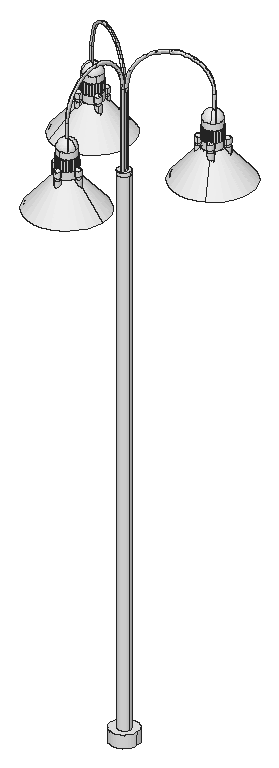
Revit family "ERA-RA25", category Lighting Fixtures, Revit 2014
Parameters (values of type "RA25-3Y")
  Wattage Comments = "120 LEDs, 126W"  # constant formula
  Voltage = 120 V
  URL = "https://www.hubbell.com/kimlighting/en"
  Type Comments = "Lighting Fixture"  # constant formula
  Series = "ERA LUMINAIRE"  # constant formula
  Product Page URL = "https://www.hubbell.com/kimlighting/en/Products/Lighting-Controls/Commercial-Outdoor-Lighting/Decorative-Post-Top/Era/p/248461"
  Product Documentation Link = "https://hubbellcdn.com/specsheet/kl_ra25eled_spec.pdf"
  Power Factor = 1  # constant formula
  Pole Height = Mount Height - 16 1/2"  # 175 1/2"
  Pole Finish = Metal-Kim Lighting-Aluminum Alloy
  Photometric Web Link = "https://www.hubbell.com/kimlighting/en/Products/Lighting-Controls/Commercial-Outdoor-Lighting/Decorative-Post-Top/Era/p/248461#prod-photometry-section"
  Photometric Notes = "More IES files download on Photometric Web Link"  # constant formula
  Number of Poles = 1
  Mount Height = 192"
  Model = "RA25"  # constant formula
  MasterFormat Title = "Parking Lighting, Roadway Lighting, Site Lighting"  # constant formula
  Manufacturer = "Kim Lighting"  # constant formula
  Load Classification = Lighting
  Lamp = "LED"  # constant formula
  Inside Material = Metal-Kim Lighting-Aluminum-Reflective
  IP Rating = "IP66"  # constant formula
  Housing Material = Metal-Kim Lighting-Aluminum Alloy
  Glass Material = Glass-Kim Lighting-Clear
  Finish = "All colors shall be a Super TGIC powder coat paint. Optional white (WH) and custom colors available."
  Description = "Era® is a transitionally styled luminaire that complements both traditional and contemporary architecture. Available with Kim's exclusive PicoEmitter LED technology."  # constant formula
  Contact us = "https://www.hubbell.com/kimlighting/en/contactUs?productId=248461"
  Assembly Code = "D5020200"
  Arm Material = Metal-Kim Lighting-Aluminum Alloy
  Apparent Load = 68 VA
  Height = 17 1/2"
  Angle Bee = 180.00°
  4C = no
  3Y = yes
  2 = no
  1 = yes
Reference planes (in)
  plane 1 "Center (Front/Back)": y = 0
  plane 2: z = 189
  plane 3 "Center (Left/Right)": x = -1.40174
  plane 4 "TOP": z = 192
  plane 5: z = 175.5
  plane 6: z = 182.5
  plane 7: x = 1.59826
  plane 8: x = -4.40174
  plane 9: z = 174.5
  plane 10: x = 7.09826
  plane 11: x = -9.90174
  plane 12: z = 183.5
  plane 13: z = 185
  plane 14: z = 188
  plane 15: x = 2.59826
  plane 16: x = -5.40174
  plane 17: y = -3
  plane 18: x = 3.34826
  plane 19: z = 179.5
  plane 20: x = -6.15174
  plane 21: y = 3
  plane 22: y = 4
  plane 23: y = -4
  plane 24: z = 177.20677
  plane 25 "Bottom": z = 172.75
  plane 26: z = 175
  plane 27: z = 176.5
  plane 28: z = 0
Forms (in)
  Revolve 1, solid, material "Glass-Kim Lighting-Clear" <- "Glass Material", not visible
    sketch origin (0, 0, 33.625) x (1, 0, 0) y (0, 0, 1)
      loop
        line (5.64075, 140.875) -> (5.36959, 140.875)
        arc (5.36959, 140.875) -> (2.08006, 139.66194) -> (-1.40174, 139.25) r 14.92048
        line (-1.40174, 139.25) -> (-1.40174, 139.125)
        arc (-1.40174, 139.125) -> (2.22659, 139.56905) -> (5.64075, 140.875) r 15.04548
      axis (-1.40174, 139.125) -> (-1.40174, 140.875)
    angle from 0 to 360
  Extrusion 2, solid, material "Glass-Kim Lighting-Clear" <- "Glass Material", not visible
    sketch origin (4.8439, 0, 27.67862) x (0, 1, 0) y (1, 0, 0)
      loop
        circle (0, -6.24564) r 7.04249
    from -147.32138 to -146.82138
  Revolve 3, solid, material "Metal-Kim Lighting-Aluminum Alloy" <- "Housing Material", not visible
    sketch origin (0, 0, 36) x (1, 0, 0) y (0, 0, 1)
      loop
        line (-1.40174, 156) -> (-1.40174, 155.875)
        arc (-1.40174, 155.875) -> (0.63119, 155.03293) -> (1.47326, 153) r 2.875
        line (1.47326, 153) -> (1.59826, 153)
        arc (1.59826, 153) -> (0.71958, 155.12132) -> (-1.40174, 156) r 3
      axis (-1.40174, 156) -> (-1.40174, 153)
    angle from 0 to 360
  Extrusion 4, solid, material "Metal-Kim Lighting-Aluminum Alloy" <- "Housing Material", not visible
    sketch origin (4.8439, 0, 29.1894) x (0, 1, 0) y (-1, 0, 0)
      loop
        circle (0, 2.24564) r 1
    from 150.3106 to 153.3106
  Extrusion 5, solid, material "Metal-Kim Lighting-Aluminum Alloy" <- "Housing Material", not visible
    sketch origin (0.83045, 4.01345, 29.1894) x (0, 1, 0) y (-1, 0, 0)
      loop
        circle (-0.01345, 2.23219) r 1
    from 150.3106 to 153.3106
  Extrusion 6, solid, material "Metal-Kim Lighting-Aluminum Alloy" <- "Housing Material", not visible
    sketch origin (-3.183, 0, 29.1894) x (0, 1, 0) y (-1, 0, 0)
      loop
        circle (0, 2.21874) r 0.98655
    from 150.3106 to 153.3106
  Extrusion 7, solid, material "Metal-Kim Lighting-Aluminum Alloy" <- "Housing Material", not visible
    sketch origin (0.83045, -4.01345, 29.1894) x (0, 1, 0) y (-1, 0, 0)
      loop
        circle (0.01345, 2.23219) r 0.98655
    from 150.3106 to 153.3106
  Blend 8, solid, material "Metal-Kim Lighting-Aluminum Alloy" <- "Housing Material", not visible
    base sketch origin (4.8439, 0, 29.1894) x (0, 1, 0) y (-1, 0, 0)
      loop
        line (3.25, 6.24564) -> (3.25, 6.49564) -> (3, 6.49564) -> (2.96248, 6.78061) -> (3.20396, 6.84532) -> (3.13926, 7.0868) -> (3.07455, 7.32828) -> (2.83307, 7.26357) -> (2.72308, 7.52913) -> (2.93958, 7.65413) -> (2.81458, 7.87064) -> (2.68958, 8.08714) -> (2.47308, 7.96214) -> (2.2981, 8.19018) -> (2.47487, 8.36696) -> (2.2981, 8.54373) -> (2.12132, 8.72051) -> (1.94454, 8.54373) -> (1.71836, 8.73208) -> (1.84197, 8.94939) -> (1.62466, 9.073) -> (1.40736, 9.1966) -> (1.28375, 8.9793) -> (1.01259, 9.07799) -> (1.07942, 9.334) -> (0.83753, 9.39715) -> (0.59564, 9.4603) -> (0.53249, 9.21841) -> (0.24492, 9.25814) -> (0.24332, 9.50814) -> (-0.00668, 9.50653) -> (-0.25667, 9.50493) -> (-0.25507, 9.25493) -> (-0.53249, 9.21841) -> (-0.59564, 9.4603) -> (-0.83753, 9.39715) -> (-1.07942, 9.334) -> (-1.01627, 9.0921) -> (-1.28375, 8.9793) -> (-1.40736, 9.1966) -> (-1.62466, 9.073) -> (-1.84197, 8.94939) -> (-1.71836, 8.73208) -> (-1.94454, 8.54373) -> (-2.12132, 8.72051) -> (-2.2981, 8.54373) -> (-2.47487, 8.36696) -> (-2.2981, 8.19018) -> (-2.47308, 7.96214) -> (-2.68958, 8.08714) -> (-2.81458, 7.87064) -> (-2.93958, 7.65413) -> (-2.72308, 7.52913) -> (-2.83307, 7.26357) -> (-3.07455, 7.32828) -> (-3.13926, 7.0868) -> (-3.20396, 6.84532) -> (-2.96248, 6.78061) -> (-3, 6.49564) -> (-3.25, 6.49564) -> (-3.25, 6.24564) -> (-3.25, 5.99564) -> (-3, 5.99564) -> (-2.96248, 5.71066) -> (-3.20396, 5.64595) -> (-3.13926, 5.40447) -> (-3.07455, 5.16299) -> (-2.83307, 5.2277) -> (-2.72308, 4.96214) -> (-2.93958, 4.83714) -> (-2.81458, 4.62064) -> (-2.68958, 4.40413) -> (-2.47308, 4.52913) -> (-2.2981, 4.30109) -> (-2.47487, 4.12432) -> (-2.2981, 3.94754) -> (-2.12132, 3.77076) -> (-1.94454, 3.94754) -> (-1.71836, 3.75919) -> (-1.84197, 3.54188) -> (-1.62466, 3.41828) -> (-1.40736, 3.29467) -> (-1.28375, 3.51197) -> (-1.01627, 3.39917) -> (-1.07942, 3.15727) -> (-0.83753, 3.09412) -> (-0.59564, 3.03097) -> (-0.53249, 3.27286) -> (-0.25507, 3.23634) -> (-0.25667, 2.98634) -> (-0.00668, 2.98474) -> (0.24332, 2.98313) -> (0.24492, 3.23313) -> (0.53249, 3.27286) -> (0.59564, 3.03097) -> (0.83753, 3.09412) -> (1.07942, 3.15727) -> (1.01627, 3.39917) -> (1.28375, 3.51197) -> (1.40736, 3.29467) -> (1.62466, 3.41828) -> (1.84197, 3.54188) -> (1.72076, 3.75497) -> (1.94454, 3.94754) -> (2.12132, 3.77076) -> (2.2981, 3.94754) -> (2.47487, 4.12432) -> (2.2981, 4.30109) -> (2.47308, 4.52913) -> (2.68958, 4.40413) -> (2.81458, 4.62064) -> (2.93958, 4.83714) -> (2.72308, 4.96214) -> (2.83307, 5.2277) -> (3.07455, 5.16299) -> (3.13926, 5.40447) -> (3.20396, 5.64595) -> (2.96248, 5.71066) -> (3, 5.99564) -> (3.25, 5.99564) -> (3.25, 6.24564)
    top sketch origin (4.8439, 0, 29.1894) x (0, 1, 0) y (-1, 0, 0)
      loop
        line (3.25, 6.24564) -> (3.25, 6.49564) -> (3, 6.49564) -> (2.96248, 6.78061) -> (3.20396, 6.84532) -> (3.13926, 7.0868) -> (3.07455, 7.32828) -> (2.83307, 7.26357) -> (2.72308, 7.52913) -> (2.93958, 7.65413) -> (2.81458, 7.87064) -> (2.68958, 8.08714) -> (2.47308, 7.96214) -> (2.2981, 8.19018) -> (2.47487, 8.36696) -> (2.2981, 8.54373) -> (2.12132, 8.72051) -> (1.94454, 8.54373) -> (1.71836, 8.73208) -> (1.84197, 8.94939) -> (1.62466, 9.073) -> (1.40736, 9.1966) -> (1.28375, 8.9793) -> (1.01259, 9.07799) -> (1.07942, 9.334) -> (0.83753, 9.39715) -> (0.59564, 9.4603) -> (0.53249, 9.21841) -> (0.24492, 9.25814) -> (0.24332, 9.50814) -> (-0.00668, 9.50653) -> (-0.25667, 9.50493) -> (-0.25507, 9.25493) -> (-0.53249, 9.21841) -> (-0.59564, 9.4603) -> (-0.83753, 9.39715) -> (-1.07942, 9.334) -> (-1.01627, 9.0921) -> (-1.28375, 8.9793) -> (-1.40736, 9.1966) -> (-1.62466, 9.073) -> (-1.84197, 8.94939) -> (-1.71836, 8.73208) -> (-1.94454, 8.54373) -> (-2.12132, 8.72051) -> (-2.2981, 8.54373) -> (-2.47487, 8.36696) -> (-2.2981, 8.19018) -> (-2.47308, 7.96214) -> (-2.68958, 8.08714) -> (-2.81458, 7.87064) -> (-2.93958, 7.65413) -> (-2.72308, 7.52913) -> (-2.83307, 7.26357) -> (-3.07455, 7.32828) -> (-3.13926, 7.0868) -> (-3.20396, 6.84532) -> (-2.96248, 6.78061) -> (-3, 6.49564) -> (-3.25, 6.49564) -> (-3.25, 6.24564) -> (-3.25, 5.99564) -> (-3, 5.99564) -> (-2.96248, 5.71066) -> (-3.20396, 5.64595) -> (-3.13926, 5.40447) -> (-3.07455, 5.16299) -> (-2.83307, 5.2277) -> (-2.72308, 4.96214) -> (-2.93958, 4.83714) -> (-2.81458, 4.62064) -> (-2.68958, 4.40413) -> (-2.47308, 4.52913) -> (-2.2981, 4.30109) -> (-2.47487, 4.12432) -> (-2.2981, 3.94754) -> (-2.12132, 3.77076) -> (-1.94454, 3.94754) -> (-1.71836, 3.75919) -> (-1.84197, 3.54188) -> (-1.62466, 3.41828) -> (-1.40736, 3.29467) -> (-1.28375, 3.51197) -> (-1.01627, 3.39917) -> (-1.07942, 3.15727) -> (-0.83753, 3.09412) -> (-0.59564, 3.03097) -> (-0.53249, 3.27286) -> (-0.25507, 3.23634) -> (-0.25667, 2.98634) -> (-0.00668, 2.98474) -> (0.24332, 2.98313) -> (0.24492, 3.23313) -> (0.53249, 3.27286) -> (0.59564, 3.03097) -> (0.83753, 3.09412) -> (1.07942, 3.15727) -> (1.01627, 3.39917) -> (1.28375, 3.51197) -> (1.40736, 3.29467) -> (1.62466, 3.41828) -> (1.84197, 3.54188) -> (1.72076, 3.75497) -> (1.94454, 3.94754) -> (2.12132, 3.77076) -> (2.2981, 3.94754) -> (2.47487, 4.12432) -> (2.2981, 4.30109) -> (2.47308, 4.52913) -> (2.68958, 4.40413) -> (2.81458, 4.62064) -> (2.93958, 4.83714) -> (2.72308, 4.96214) -> (2.83307, 5.2277) -> (3.07455, 5.16299) -> (3.13926, 5.40447) -> (3.20396, 5.64595) -> (2.96248, 5.71066) -> (3, 5.99564) -> (3.25, 5.99564) -> (3.25, 6.24564)
    from 155.8106 to 158.8106
  Extrusion 9, solid, material "Metal-Kim Lighting-Aluminum Alloy" <- "Housing Material", not visible
    sketch origin (4.8439, 0, 29.1894) x (0, 1, 0) y (-1, 0, 0)
      loop
        circle (0, 6.24564) r 3.25
      loop
        circle (0, 6.24564) r 3
    from 153.3106 to 155.8106
  Extrusion 10, solid, material "Metal-Kim Lighting-Aluminum Alloy" <- "Housing Material", not visible
    sketch origin (4.8439, 0, 29.1894) x (0, 1, 0) y (-1, 0, 0)
      loop
        circle (0, 2.24564) r 1
    from 154.3106 to 155.8106
  Revolve 11, solid, material "Metal-Kim Lighting-Aluminum Alloy" <- "Housing Material", not visible, detail levels fine
    sketch origin (0, 0, 36) x (1, 0, 0) y (0, 0, 1)
      loop
        arc (3.34826, 149) -> (3.12859, 149.53033) -> (2.59826, 149.75) r 0.75
        line (2.59826, 149.75) -> (2.59826, 149) -> (3.34826, 149)
      axis (2.59826, 149) -> (2.59826, 149.75)
    angle from 0 to 360
  Extrusion 12, solid, material "Metal-Kim Lighting-Aluminum Alloy" <- "Housing Material", not visible
    sketch origin (4.8439, 0, 29.1894) x (0, 1, 0) y (-1, 0, 0)
      loop
        circle (0, 10.24564) r 0.75
    from 153.3106 to 155.8106
  Extrusion 13, solid, material "Metal-Kim Lighting-Aluminum Alloy" <- "Housing Material", not visible
    sketch origin (-7.64737, 0, 29.1894) x (0, -1, 0) y (1, 0, 0)
      loop
        circle (0, 2.24564) r 1
    from 154.3106 to 155.8106
  Revolve 14, solid, material "Metal-Kim Lighting-Aluminum Alloy" <- "Housing Material", not visible
    sketch origin (-2.80348, 0, 36) x (-1, 0, 0) y (0, 0, 1)
      loop
        arc (3.34826, 149) -> (3.12859, 149.53033) -> (2.59826, 149.75) r 0.75
        line (2.59826, 149.75) -> (2.59826, 149) -> (3.34826, 149)
      axis (2.59826, 149) -> (2.59826, 149.75)
    angle from 0 to 360
  Extrusion 15, solid, material "Metal-Kim Lighting-Aluminum Alloy" <- "Housing Material", not visible
    sketch origin (-7.64737, 0, 29.1894) x (0, -1, 0) y (1, 0, 0)
      loop
        circle (0, 10.24564) r 0.75
    from 153.3106 to 155.8106
  Revolve 16, solid, material "Metal-Kim Lighting-Aluminum Alloy" <- "Housing Material", not visible
    sketch origin (0, 0, 36) x (1, 0, 0) y (0, 0, 1)
      loop
        line (1.59826, 146.5) -> (-1.40174, 146.5) -> (-1.40174, 143.5) -> (2.4979, 143.5) -> (5.64075, 139.5) -> (5.64075, 138.5) -> (7.09826, 138.5) -> (7.09826, 139.5) -> (1.59826, 146.5)
      axis (-1.40174, 138.5) -> (-1.40174, 146.5)
    angle from 0 to 360
  Revolve 17, solid, material "Metal-Kim Lighting-Aluminum-Reflective" <- "Inside Material", not visible
    sketch origin (5.12421, 0, -11.18857) x (1, 0, 0) y (0, 0, 1)
      loop
        line (-6.52594, 190.587) -> (-2.95443, 190.587) -> (-2.95443, 189.77976) -> (-1.45607, 189.08102) -> (-0.97861, 187.69437) -> (-0.97861, 185.68857) -> (0.51899, 185.68857) -> (0.51899, 185.79013) -> (-0.87705, 185.79013) -> (-0.87705, 187.71136) -> (-1.37408, 189.15484) -> (-2.85287, 189.84446) -> (-2.85287, 190.68857) -> (-6.52594, 190.68857) -> (-6.52594, 190.587)
      axis (-6.52594, 190.68857) -> (-6.52594, 185.68857)
    angle from 0 to 360
  Revolve 18, solid, material "Metal-Kim Lighting-Aluminum-Reflective" <- "Inside Material", not visible
    sketch origin (5.12421, 0, -11.18857) x (1, 0, 0) y (0, 0, 1)
      loop
        line (-6.52594, 189.7429) -> (-3.04956, 189.7429) -> (-2.55732, 188.31334) -> (-0.97895, 188.31334) -> (-0.97895, 185.68857) -> (0.51899, 185.68857) -> (0.51899, 185.79463) -> (-0.87635, 185.79463) -> (-0.87635, 188.39533) -> (-2.47814, 188.39533) -> (-2.97712, 189.84446) -> (-6.52594, 189.84446) -> (-6.52594, 189.7429)
      axis (-6.52594, 189.84446) -> (-6.52594, 185.68857)
    angle from 0 to 360
  Extrusion 19, solid, material "Metal-Kim Lighting-Aluminum Alloy" <- "Housing Material", not visible
    sketch origin (4.8439, 0, 29.1894) x (0, 1, 0) y (-1, 0, 0)
      loop
        circle (0, 6.24564) r 3
    from 155.8106 to 159.8106
  Extrusion 20, solid, material "Metal-Kim Lighting-Aluminum Alloy" <- "Housing Material", not visible
    sketch origin (-1.40174, -6.24564, 29.1894) x (1, 0, 0) y (0, 1, 0)
      loop
        circle (0, 2.24564) r 1
    from 154.3106 to 155.8106
  Revolve 21, solid, material "Metal-Kim Lighting-Aluminum Alloy" <- "Housing Material", not visible, detail levels fine
    sketch origin (-1.40174, -1.40174, 36) x (0, -1, 0) y (0, 0, -1)
      loop
        line (3.34826, -149) -> (2.59826, -149) -> (2.59826, -149.75)
        arc (2.59826, -149.75) -> (3.12859, -149.53033) -> (3.34826, -149) r 0.75
      axis (2.59826, -149) -> (2.59826, -149.75)
    angle from 0 to 360
  Extrusion 22, solid, material "Metal-Kim Lighting-Aluminum Alloy" <- "Housing Material", not visible
    sketch origin (-1.40174, 6.24564, 29.1894) x (-1, 0, 0) y (0, -1, 0)
      loop
        circle (0, 2.24564) r 1
    from 154.3106 to 155.8106
  Revolve 23, solid, material "Metal-Kim Lighting-Aluminum Alloy" <- "Housing Material", not visible
    sketch origin (-1.40174, 1.40174, 36) x (0, 1, 0) y (0, 0, 1)
      loop
        arc (3.34826, 149) -> (3.12859, 149.53033) -> (2.59826, 149.75) r 0.75
        line (2.59826, 149.75) -> (2.59826, 149) -> (3.34826, 149)
      axis (2.59826, 149) -> (2.59826, 149.75)
    angle from 0 to 360
  Extrusion 24, solid, material "Metal-Kim Lighting-Aluminum Alloy" <- "Housing Material", not visible
    sketch origin (-1.40174, 6.24564, 29.1894) x (-1, 0, 0) y (0, -1, 0)
      loop
        circle (0, 10.24564) r 0.75
    from 153.3106 to 155.8106
  Extrusion 25, solid, material "Metal-Kim Lighting-Aluminum Alloy" <- "Housing Material", not visible
    sketch origin (-1.40174, -6.24564, 29.1894) x (1, 0, 0) y (0, 1, 0)
      loop
        circle (0, 10.24564) r 0.75
    from 153.3106 to 155.8106
  Revolve 26, solid, material "Metal-Kim Lighting-Aluminum Alloy" <- "Housing Material", not visible
    sketch origin (0, 0, 36) x (1, 0, 0) y (0, 0, 1)
      loop
        line (-1.40174, 146.5) -> (-4.40174, 146.5) -> (-9.90174, 138.5) -> (-1.40174, 138.5) -> (-1.40174, 146.5)
      axis (-1.40174, 146.5) -> (-1.40174, 138.5)
    angle from 0 to 360
  Extrusion 27, solid, material "Metal-Kim Lighting-Aluminum Alloy" <- "Housing Material", not visible
    sketch origin (4.8439, 0, 29.1894) x (0, 1, 0) y (-1, 0, 0)
      loop
        circle (0, 6.24564) r 3
    from 153.3106 to 159.8106
  Sweep 28, solid, material "Metal-Kim Lighting-Aluminum Alloy" <- "Pole Finish", visible <- "1"
    path origin (-26.63639, -48.15867, 0) x (0.000096, -1, 0) y (0, 0, 1)
      loop
        line (0.3125, 192) -> (0.3125, 201)
        arc (0.3125, 201) -> (-3.20222, 209.48528) -> (-11.6875, 213) r 12
        arc (-11.6875, 213) -> (-20.17278, 209.48528) -> (-23.6875, 201) r 12
        line (-23.6875, 201) -> (-23.6875, 175.5)
    profile origin (-26.63636, -48.47117, 196.5) x (-0.000096, 1, 0) y (-1, -0.000096, 0)
      loop
        circle (0, -25.23698) r 0.39063
  Sweep 29, solid, material "Metal-Kim Lighting-Aluminum Alloy" <- "Pole Finish", visible <- "2"
    path origin (-26.63639, 0.48819, 0) x (0.000096, 1, 0) y (0, 0, -1)
      loop
        line (0.3125, -192) -> (0.3125, -201)
        arc (0.3125, -201) -> (-3.20222, -209.48528) -> (-11.6875, -213) r 12
        arc (-11.6875, -213) -> (-20.17278, -209.48528) -> (-23.6875, -201) r 12
        line (-23.6875, -201) -> (-23.6875, -175.5)
    profile origin (-26.63636, 0.80069, 196.5) x (0.000096, 1, 0) y (-1, 0.000096, 0)
      loop
        circle (0, -25.23698) r 0.39063
  Sweep 30, solid, material "Metal-Kim Lighting-Aluminum Alloy" <- "Pole Finish", visible <- "3Y"
    path origin (-34.87341, -33.40595, 0) x (-0.865977, 0.500083, 0) y (0, 0, -1)
      loop
        line (0.3125, -192) -> (0.3125, -201)
        arc (0.3125, -201) -> (-3.20222, -209.48528) -> (-11.6875, -213) r 12
        arc (-11.6875, -213) -> (-20.17278, -209.48528) -> (-23.6875, -201) r 12
        line (-23.6875, -201) -> (-23.6875, -175.5)
    profile origin (-35.14403, -33.24967, 196.5) x (-0.865977, 0.500083, 0) y (-0.500083, -0.865977, 0)
      loop
        circle (0, -25.23698) r 0.39063
  Sweep 31, solid, material "Metal-Kim Lighting-Aluminum Alloy" <- "Pole Finish", visible <- "3Y"
    path origin (32.06994, -33.40595, 0) x (0.865977, 0.500083, 0) y (0, 0, 1)
      loop
        line (0.3125, 192) -> (0.3125, 201)
        arc (0.3125, 201) -> (-3.20222, 209.48528) -> (-11.6875, 213) r 12
        arc (-11.6875, 213) -> (-20.17278, 209.48528) -> (-23.6875, 201) r 12
        line (-23.6875, 201) -> (-23.6875, 175.5)
    profile origin (32.34055, -33.24967, 196.5) x (-0.865977, -0.500083, 0) y (0.500083, -0.865977, 0)
      loop
        circle (0, -25.23698) r 0.39063
  Sweep 32, solid, material "Metal-Kim Lighting-Aluminum Alloy" <- "Pole Finish", visible <- "4C"
    path origin (-25.39036, -48.91441, 0) x (-0.999994, -0.00354, 0) y (0, 0, -1)
      loop
        line (0.3125, -192) -> (0.3125, -201)
        arc (0.3125, -201) -> (-3.20222, -209.48528) -> (-11.6875, -213) r 12
        arc (-11.6875, -213) -> (-20.17278, -209.48528) -> (-23.6875, -201) r 12
        line (-23.6875, -201) -> (-23.6875, -175.5)
    profile origin (-25.70286, -48.91551, 196.5) x (-0.999994, -0.00354, 0) y (0.00354, -0.999994, 0)
      loop
        circle (0, -25.23698) r 0.39063
  Sweep 33, solid, material "Metal-Kim Lighting-Aluminum Alloy" <- "Pole Finish", visible <- "4C"
    path origin (22.58688, -48.91441, 0) x (0.999994, -0.00354, 0) y (0, 0, 1)
      loop
        line (0.3125, 192) -> (0.3125, 201)
        arc (0.3125, 201) -> (-3.20222, 209.48528) -> (-11.6875, 213) r 12
        arc (-11.6875, 213) -> (-20.17278, 209.48528) -> (-23.6875, 201) r 12
        line (-23.6875, 201) -> (-23.6875, 175.5)
    profile origin (22.89938, -48.91551, 196.5) x (-0.999994, 0.00354, 0) y (-0.00354, -0.999994, 0)
      loop
        circle (0, -25.23698) r 0.39063
Lines and regions (in)
  symbolic lines, detail levels medium+fine
    curve 1: arc (-1.40174, 0, 192) -> (0.71958, 0, 191.12132) -> (1.59826, 0, 189) r 3
    curve 3: line (1.59826, 0, 182.5) -> (7.09826, 0, 175.5)
    curve 5: line (-9.90174, 0, 175.5) -> (-4.40174, 0, 182.5)
    curve 7: arc (-4.40174, 0, 189) -> (-3.52306, 0, 191.12132) -> (-1.40174, 0, 192) r 3
    curve 8: line (7.09826, 0, 175.5) -> (-9.90174, 0, 175.5)
    curve 9: line (1.59826, 0, 182.5) -> (-4.40174, 0, 182.5)
    curve 25: arc (5.64075, 0, 174.5) -> (-1.40174, 0, 172.75) -> (-8.44423, 0, 174.5) r 15.04548
    curve 29: line (-9.90174, 0, 175.5) -> (-9.90174, 0, 174.5)
    curve 30: line (7.09826, 0, 175.5) -> (7.09826, 0, 174.5)
  symbolic lines
    curve 2: line (1.59826, 0, 189) -> (1.59826, 0, 182.5)
    curve 4: line (7.09826, 0, 174.5) -> (-9.90174, 0, 174.5)
    curve 6: line (-4.40174, 0, 182.5) -> (-4.40174, 0, 189)
  symbolic lines, detail levels fine
    curve 10: line (1.59826, 0, 182.5) -> (3.59826, 0, 182.5)
    curve 11: line (3.59826, 0, 182.5) -> (3.59826, 0, 179.95455)
    curve 12: line (-4.40174, 0, 182.5) -> (-6.40174, 0, 182.5)
    curve 13: line (-6.40174, 0, 182.5) -> (-6.40174, 0, 179.95455)
    curve 14: line (-4.40174, 0, 182.5) -> (-6.40174, 0, 182.5)
    curve 15: line (-0.40174, 0, 182.5) -> (-2.40174, 0, 182.5)
    curve 16: line (-0.40174, 0, 182.5) -> (-0.40174, 0, 180.86827)
    curve 17: spline (-0.40174, 0, 180.86827) -> (-0.43581, 0, 180.58001) -> (-0.53571, 0, 180.3114) -> (-0.69463, 0, 180.08073) -> (-0.90174, 0, 179.90374) -> (-1.14292, 0, 179.79247) -> (-1.40174, 0, 179.75452) -> (-1.66056, 0, 179.79247) -> (-1.90174, 0, 179.90374) -> (-2.10885, 0, 180.08073) -> (-2.26776, 0, 180.3114) -> (-2.36767, 0, 180.58001) -> (-2.40174, 0, 180.86827)
    curve 18: line (-2.40174, 0, 180.86827) -> (-2.40174, 0, 182.5)
    curve 19: line (1.59826, 0, 188) -> (-4.40174, 0, 188)
    curve 20: line (1.59826, 0, 185) -> (-4.40174, 0, 185)
  symbolic lines, detail levels coarse
    curve 21: line (1.59826, 0, 182.5) -> (7.09826, 0, 174.5)
    curve 22: line (-4.40174, 0, 182.5) -> (-9.90174, 0, 174.5)
    curve 23: line (1.59826, 0, 182.5) -> (-9.90174, 0, 174.5)
    curve 24: line (-4.40174, 0, 182.5) -> (7.09826, 0, 174.5)
    curve 26: line (1.59826, 0, 189) -> (1.59826, 0, 183.5)
    curve 27: line (1.59826, 0, 183.5) -> (-4.40174, 0, 183.5)
    curve 28: line (-4.40174, 0, 183.5) -> (-4.40174, 0, 189)
Dimensions and locks (in)
  locked: plane 2 to plane 4 "TOP" at 3
  locked: plane 14 to plane 4 "TOP" at 4
  locked: plane 13 to plane 4 "TOP" at 7
  locked: plane 12 to plane 4 "TOP" at 8.5
  locked: plane 25 "Bottom" to plane 6 at 9.75
  locked: plane 25 "Bottom" to plane 5 at 2.75
  locked: plane 25 "Bottom" to plane 26 at 2.25
  locked: plane 25 "Bottom" to plane 9 at 1.75
  locked: plane 25 "Bottom" to plane 27 at 3.75
  locked: plane 25 "Bottom" to plane 24 at 4.45677
  locked: plane 25 "Bottom" to plane 19 at 6.75
  equal spacing: plane 11, plane 3 "Center (Left/Right)", plane 10
  locked: plane 11 to plane 10 at 17
  plane 23 to plane 1 "Center (Front/Back)" to plane 22 = 4" locked, 4" locked
  plane 17 to plane 1 "Center (Front/Back)" to plane 21 = 3" locked, 3" locked
  plane 20 to plane 3 "Center (Left/Right)" to plane 18 = 4 3/4" locked, 4 3/4" locked
  plane 16 to plane 3 "Center (Left/Right)" to plane 15 = 4" locked, 4" locked
  plane 8 to plane 3 "Center (Left/Right)" to plane 7 = 3" locked, 3" locked
  "Height": plane 9 to plane 4 "TOP"
  "Mount Height": level to plane 4 "TOP"
  locked: nested 2 to plane 1 "Center (Front/Back)" at 23.83524
  locked: plane 4 "TOP" to nested 2 at 16.5
  aligned and locked: plane 3 "Center (Left/Right)" to nested 1
  aligned and locked: curve 27 to plane 12
  aligned and locked: Revolve 18 to Revolve 17 sketch curve
  aligned and locked: plane 9 to nested 8
  aligned and locked: plane 9 to nested 7
  aligned and locked: plane 9 to nested 5
  aligned and locked: plane 9 to nested 4
  aligned and locked: nested 6 to plane 9
  aligned and locked: plane 9 to nested 3
Automatic sketch dimensions
  Revolve 1 sketch curve to Revolve 1 sketch curve = 0"  (x4)
  Revolve 1 sketch curve to Revolve 1 sketch curve = 0.27116"
  Revolve 1 sketch curve to Revolve 1 sketch curve = 10 1/4"
  Revolve 1 sketch curve to Revolve 1 sketch curve = 1.29548"
  Blend 8 sketch curve to Blend 8 sketch curve = 0.21651"  (x20)
  Blend 8 sketch curve to Blend 8 sketch curve = 1/8"  (x20)
  Blend 8 sketch curve to Blend 8 sketch curve = 0.21471"  (x4)
  Blend 8 sketch curve to Blend 8 sketch curve = 0.17678"  (x44)
  Blend 8 sketch curve to Blend 8 sketch curve = 0.27935"  (x4)
  Blend 8 sketch curve to Blend 8 sketch curve = 0.12361"  (x22)
  Blend 8 sketch curve to Blend 8 sketch curve = 0.2173"  (x16)
  Blend 8 sketch curve to Blend 8 sketch curve = 0.32794"  (x4)
  Blend 8 sketch curve to Blend 8 sketch curve = 0.06315"  (x22)
  Blend 8 sketch curve to Blend 8 sketch curve = 0.24189"  (x16)
  Blend 8 sketch curve to Blend 8 sketch curve = 0.00161"  (x12)
  Blend 8 sketch curve to Blend 8 sketch curve = 0.28756"  (x4)
  Blend 8 sketch curve to Blend 8 sketch curve = 0.17506"  (x2)
  Blend 8 sketch curve to Blend 8 sketch curve = 0.17874"  (x2)
  Blend 8 sketch curve to Blend 8 sketch curve = 0.27117"  (x2)
  Blend 8 sketch curve to Blend 8 sketch curve = 0.26748"  (x2)
  Blend 8 sketch curve to Blend 8 sketch curve = 0.0937"  (x6)
  Blend 8 sketch curve to Blend 8 sketch curve = 0.0961"  (x2)
  Blend 8 sketch curve to Blend 8 sketch curve = 0.22618"  (x2)
  Blend 8 sketch curve to Blend 8 sketch curve = 0.22378"  (x2)
  Blend 8 sketch curve to Blend 8 sketch curve = 0"  (x6)
  Blend 8 sketch curve to Blend 8 sketch curve = 0.35355"  (x2)
  Blend 8 sketch curve to Blend 8 sketch curve = 0.17498"  (x4)
  Blend 8 sketch curve to Blend 8 sketch curve = 0.22888"  (x4)
  Blend 8 sketch curve to Blend 8 sketch curve = 0.27981"  (x4)
  Blend 8 sketch curve to Blend 8 sketch curve = 0.32585"  (x4)
  Blend 8 sketch curve to Blend 8 sketch curve = 0.0647"  (x20)
  Blend 8 sketch curve to Blend 8 sketch curve = 0.24148"  (x20)
  Blend 8 sketch curve to Blend 8 sketch curve = 1/4"  (x28)
  Blend 8 sketch curve to Blend 8 sketch curve = 0.28498"  (x6)
  Blend 8 sketch curve to Blend 8 sketch curve = 0.26556"  (x4)
  Blend 8 sketch curve to Blend 8 sketch curve = 0.09151"  (x4)
  Blend 8 sketch curve to Blend 8 sketch curve = 0.22804"  (x4)
  Blend 8 sketch curve to Blend 8 sketch curve = 0.18835"  (x4)
  Extrusion 9 sketch curve to Extrusion 9 sketch curve = 0"  (x4)
  Revolve 17 sketch curve to Revolve 17 sketch curve = 13/128"  (x4)
  Revolve 17 sketch curve to Revolve 17 sketch curve = 0.08199"
  Revolve 17 sketch curve to Revolve 17 sketch curve = 0.07383"
  Revolve 17 sketch curve to Revolve 17 sketch curve = 0.80724"
  Revolve 17 sketch curve to Revolve 17 sketch curve = 0.0647"
  Revolve 18 sketch curve to Revolve 18 sketch curve = 0.07244"
  Revolve 18 sketch curve to Revolve 18 sketch curve = 0.1026"
  Revolve 18 sketch curve to Revolve 18 sketch curve = 1.39534"
  Revolve 18 sketch curve to Revolve 18 sketch curve = 13/128"
  Revolve 1 sketch curve to Revolve 1 sketch curve = 6.77133"
  Revolve 1 sketch curve to Revolve 1 sketch curve = 1/8"
  Revolve 3 sketch curve to Revolve 3 sketch curve = 2 7/8"
  Revolve 3 sketch curve to Revolve 3 sketch curve = 1/8"
  Revolve 3 sketch curve to Revolve 3 sketch curve = 0"  (x3)
  Revolve 3 sketch curve to Revolve 3 sketch curve = 21"
  Revolve 3 sketch curve to Revolve 3 sketch curve = 41.9023"
  Blend 8 sketch curve to Blend 8 sketch curve = 0.04604"  (x4)
  Blend 8 sketch curve to Blend 8 sketch curve = 0.13497"  (x4)
  Blend 8 sketch curve to Blend 8 sketch curve = 0.33896"  (x4)
  Blend 8 sketch curve to Blend 8 sketch curve = 0.12121"  (x2)
  Blend 8 sketch curve to Blend 8 sketch curve = 0.11"  (x4)
  Blend 8 sketch curve to Blend 8 sketch curve = 0.12941"  (x4)
  Blend 8 sketch curve to Blend 8 sketch curve = 0.03752"  (x4)
  Blend 8 sketch curve to Blend 8 sketch curve = 0.04784"  (x2)
  Blend 8 sketch curve to Blend 8 sketch curve = 0.04463"  (x2)
  Blend 8 sketch curve to Blend 8 sketch curve = 0.13739"  (x4)
  Blend 8 sketch curve to Blend 8 sketch curve = 0.34968"  (x2)
  Blend 8 sketch curve to Blend 8 sketch curve = 0.0987"  (x2)
  Blend 8 sketch curve to Blend 8 sketch curve = 0.11281"  (x2)
  Blend 8 sketch curve to Blend 8 sketch curve = 0.1263"  (x2)
  Blend 8 sketch curve to Blend 8 sketch curve = 0.14042"  (x2)
  Blend 8 sketch curve to Blend 8 sketch curve = 0.03652"  (x2)
  Blend 8 sketch curve to Blend 8 sketch curve = 0.03973"  (x2)
  Blend 8 sketch curve to Blend 8 sketch curve = 0.256"  (x2)
  Revolve 11 sketch curve to Revolve 11 sketch curve = 3/4"
  Revolve 11 sketch curve to Revolve 11 sketch curve = 0"
  Revolve 11 sketch curve to Revolve 11 sketch curve = 14.6544"
  Revolve 11 sketch curve to Revolve 11 sketch curve = 121.96935"
  Revolve 14 sketch curve to Revolve 14 sketch curve = 3/4"
  Revolve 14 sketch curve to Revolve 14 sketch curve = 0"
  Revolve 14 sketch curve to Revolve 14 sketch curve = 14.6544"
  Revolve 14 sketch curve to Revolve 14 sketch curve = 121.96935"
  Revolve 16 sketch curve to Revolve 16 sketch curve = 3"  (x2)
  Revolve 16 sketch curve to Revolve 16 sketch curve = 0.89963"
  Revolve 16 sketch curve to Revolve 16 sketch curve = 3.14286"
  Revolve 16 sketch curve to Revolve 16 sketch curve = 1.45751"
  Revolve 16 sketch curve to Revolve 16 sketch curve = 1"  (x2)
  Revolve 16 sketch curve to Revolve 16 sketch curve = 4"
  Revolve 16 sketch curve to Revolve 16 sketch curve = 0"  (x2)
  Revolve 16 sketch curve to Revolve 16 sketch curve = 5"
  Revolve 17 sketch curve to Revolve 17 sketch curve = 1.39604"
  Revolve 17 sketch curve to Revolve 17 sketch curve = 0.39547"
  Revolve 17 sketch curve to Revolve 17 sketch curve = 1.3968"
  Revolve 17 sketch curve to Revolve 17 sketch curve = 3.57151"
  Revolve 17 sketch curve to Revolve 17 sketch curve = 1.90424"
  Revolve 17 sketch curve to Revolve 17 sketch curve = 0.017"
  Revolve 17 sketch curve to Revolve 17 sketch curve = 1.38665"
  Revolve 17 sketch curve to Revolve 17 sketch curve = 0.69874"
  Revolve 17 sketch curve to Revolve 17 sketch curve = 0"  (x2)
  Revolve 17 sketch curve to Revolve 17 sketch curve = 3 115/128"
  Revolve 18 sketch curve to Revolve 18 sketch curve = 3.47638"
  Revolve 18 sketch curve to Revolve 18 sketch curve = 0.49224"
  Revolve 18 sketch curve to Revolve 18 sketch curve = 0.07918"
  Revolve 18 sketch curve to Revolve 18 sketch curve = 1.57837"
  Revolve 18 sketch curve to Revolve 18 sketch curve = 0.10607"
  Revolve 18 sketch curve to Revolve 18 sketch curve = 2.5187"
  Revolve 18 sketch curve to Revolve 18 sketch curve = 0.082"
  Revolve 18 sketch curve to Revolve 18 sketch curve = 1.42956"
  Revolve 18 sketch curve to Revolve 18 sketch curve = 0"
  Revolve 18 sketch curve to Revolve 18 sketch curve = 4.05433"
  Revolve 18 sketch curve to Revolve 18 sketch curve = 0.84411"
  Revolve 21 sketch curve to Revolve 21 sketch curve = 3/4"
  Revolve 21 sketch curve to Revolve 21 sketch curve = 0"
  Revolve 21 sketch curve to Revolve 21 sketch curve = 14.6544"
  Revolve 21 sketch curve to Revolve 21 sketch curve = 121.96935"
  Revolve 23 sketch curve to Revolve 23 sketch curve = 3/4"
  Revolve 23 sketch curve to Revolve 23 sketch curve = 0"
  Revolve 23 sketch curve to Revolve 23 sketch curve = 14.6544"
  Revolve 23 sketch curve to Revolve 23 sketch curve = 121.96935"
  Revolve 26 sketch curve to Revolve 26 sketch curve = 5 1/2"
  Revolve 26 sketch curve to Revolve 26 sketch curve = 3"
  Revolve 26 sketch curve to Revolve 26 sketch curve = 8"
  Revolve 26 sketch curve to Revolve 26 sketch curve = 0"  (x3)
  curve 1 to curve 7 = 0"  (x2)
  curve 23 to plane 9 = 0"
  curve 23 to plane 11 = 0"
  curve 14 to plane 6 = 0"
  curve 6 to plane 2 = 0"
  curve 6 to plane 8 = 0"
  curve 15 to plane 6 = 0"
  curve 7 to plane 3 "Center (Left/Right)" = 0"
  curve 17 to plane 3 "Center (Left/Right)" = 0"
  curve 25 to plane 3 "Center (Left/Right)" = 0"
  curve 4 to plane 10 = 0"
  curve 29 to plane 5 = 0"
  curve 20 to plane 13 = 0"
  curve 19 to plane 14 = 0"
  curve 14 to plane 20 = 1/4"
  curve 15 to plane 3 "Center (Left/Right)" = 1"
  curve 11 to plane 18 = 1/4"
  curve 18 to plane 19 = 1.36827"
  plane 14 to curve 25 = 0.20452"
  plane 11 to curve 25 = 1.45751"
  Sweep 28 sketch curve to Sweep 28 sketch curve = 0"  (x2)
  Sweep 28 sketch curve to plane 5 = 0"
  Sweep 28 sketch curve to plane 4 "TOP" = 0"
  plane 4 "TOP" to Sweep 28 sketch curve = 9"
  Sweep 28 sketch curve to Sweep 28 sketch curve = 12"
  profile plane to Sweep 28 sketch curve = 0"
  Sweep 28 sketch curve to profile plane = 25.23698"
  Sweep 29 sketch curve to Sweep 29 sketch curve = 0"  (x2)
  Sweep 29 sketch curve to plane 5 = 0"
  Sweep 29 sketch curve to plane 4 "TOP" = 0"
  plane 4 "TOP" to Sweep 29 sketch curve = 9"
  Sweep 29 sketch curve to Sweep 29 sketch curve = 12"
  profile plane to Sweep 29 sketch curve = 0"
  Sweep 29 sketch curve to profile plane = 25.23698"
  Sweep 30 sketch curve to Sweep 30 sketch curve = 0"  (x2)
  Sweep 30 sketch curve to plane 5 = 0"
  Sweep 30 sketch curve to plane 4 "TOP" = 0"
  plane 4 "TOP" to Sweep 30 sketch curve = 9"
  Sweep 30 sketch curve to Sweep 30 sketch curve = 12"
  profile plane to Sweep 30 sketch curve = 0"
  Sweep 30 sketch curve to profile plane = 25.23698"
  Sweep 31 sketch curve to Sweep 31 sketch curve = 0"  (x2)
  Sweep 31 sketch curve to plane 5 = 0"
  Sweep 31 sketch curve to plane 4 "TOP" = 0"
  plane 4 "TOP" to Sweep 31 sketch curve = 9"
  Sweep 31 sketch curve to Sweep 31 sketch curve = 12"
  Sweep 31 sketch curve to profile plane = 0"
  Sweep 31 sketch curve to profile plane = 25.23698"
  Sweep 32 sketch curve to Sweep 32 sketch curve = 0"  (x2)
  Sweep 32 sketch curve to plane 5 = 0"
  Sweep 32 sketch curve to plane 4 "TOP" = 0"
  plane 4 "TOP" to Sweep 32 sketch curve = 9"
  Sweep 32 sketch curve to Sweep 32 sketch curve = 12"
  Sweep 32 sketch curve to profile plane = 0"
  Sweep 32 sketch curve to profile plane = 25.23698"
  Sweep 33 sketch curve to Sweep 33 sketch curve = 0"  (x2)
  Sweep 33 sketch curve to plane 5 = 0"
  Sweep 33 sketch curve to plane 4 "TOP" = 0"
  plane 4 "TOP" to Sweep 33 sketch curve = 9"
  Sweep 33 sketch curve to Sweep 33 sketch curve = 12"
  profile plane to Sweep 33 sketch curve = 0"
  Sweep 33 sketch curve to profile plane = 25.23698"
  radius of Extrusion 2 sketch curve = 7.04249"
  radius of Extrusion 4 sketch curve = 1"
  radius of Extrusion 5 sketch curve = 1"
  radius of Extrusion 6 sketch curve = 0.98655"
  radius of Extrusion 7 sketch curve = 0.98655"
  radius of Extrusion 9 sketch curve = 3 1/4"
  radius of Extrusion 9 sketch curve = 3"
  radius of Extrusion 10 sketch curve = 1"
  radius of Extrusion 12 sketch curve = 3/4"
  radius of Extrusion 13 sketch curve = 1"
  radius of Extrusion 15 sketch curve = 3/4"
  radius of Extrusion 19 sketch curve = 3"
  radius of Extrusion 20 sketch curve = 1"
  radius of Extrusion 22 sketch curve = 1"
  radius of Extrusion 24 sketch curve = 3/4"
  radius of Extrusion 25 sketch curve = 3/4"
  radius of Extrusion 27 sketch curve = 3"
  radius of Sweep 28 sketch curve = 25/64"
  radius of Sweep 29 sketch curve = 25/64"
  radius of Sweep 30 sketch curve = 25/64"
  radius of Sweep 31 sketch curve = 25/64"
  radius of Sweep 32 sketch curve = 25/64"
  radius of Sweep 33 sketch curve = 25/64"
Nested families (in)
  nested 1: "Notation" at (-1.40174, 8.53943, 0), type "Notation"
  nested 2: "Lighting_Fixture-Kim_Lighting-Post" at (-1.40174, -23.83524, 0), type "Lighting_Fixture-Kim_Lighting-Post"
    with Total Pole Height 175 1/2"
  nested 3: "RA25" at (0.09826, 0.25, 27.67862), visible <- "2", type "RA25"
  nested 4: "RA25" at (-2.90178, -48.40624, 27.67862) x (-1, 0, 0) z (0, 0, 1), visible <- "1", type "RA25"
  nested 5: "RA25" at (-21.29981, -10.37216, 27.67862) x (0.5, 0.866, 0) z (0, 0, 1), visible <- "3Y", type "RA25"
  nested 6: "RA25" at (18.49633, -10.37216, 27.67862) x (-0.5, 0.866, 0) z (0, 0, 1), visible <- "3Y", type "RA25"
  nested 7: "RA25" at (-25.24937, -22.17907, 27.67862) x (-0.0036, 1, 0) z (0, 0, 1), visible <- "4C", type "RA25"
  nested 8: "RA25" at (22.44589, -22.17907, 27.67862) x (0.0036, 1, 0) z (0, 0, 1), visible <- "4C", type "RA25"
Connectors (in)
  electrical at (-1.40174, -23.83524, 0), driven by "Voltage", driven by "Apparent Load", driven by "Power Factor"
    settings: on nested 2, index 1, voltage 120 V, apparent load 68 VA, apparent load phase1 0 VA, apparent load phase2 0 VA, apparent load phase3 0 VA, power factor 1, load classification "Other", number of poles 1, system type 30, power factor state 1, is connector primary yes, connector utility no, sub classification motor no, connector description "Lighting connector"
Definition of nested family "Lighting_Fixture-Kim_Lighting-Post"
  Parameters
    URL = "www.kimlighting.com"
    Total Pole Height = 192"
    Series = "Site/Roadway"  # constant formula
    Revisions Date = "1/11/10"  # constant formula
    Cap Radius = Pole Radius + 1/8"  # 2 1/8"
    Base Radius = 4 1/2"  # constant formula
    Pole Radius = 2"  # constant formula
    OmniClass Title = "Lighting Poles and Standards"  # constant formula
    OmniClass Number = "23.60.30.24.14"  # constant formula
    Model = ""
    Material = Aluminum-KIM-Black
    MasterFormat Title = "Lighting Poles and Standards"  # constant formula
    MasterFormat Number = "26.56.13"  # constant formula
    Manufacturer = "KIM Lighting"  # constant formula
    LEED = "www.usgbc.org"
    Height of Base = 4"  # constant formula
    Description = "Lighting Post"  # constant formula
    Assembly Code = "D5020280"
    Architectural Design Manual = ""
  Reference planes (in)
    plane 1 "Center (Front/Back)": y = 0
    plane 2: z = 4
    plane 3 "Center (Left/Right)": x = 0
    plane 4 "Top": z = 192
    plane 5: y = -2
    plane 6: y = -4.5
    plane 7: x = -4.5
    plane 8: x = 4.5
    plane 9: y = 4.5
  Forms (in)
    Extrusion 1, solid, material "Aluminum-KIM-Black" <- "Material", detail levels medium+fine
      sketch origin (0, 0, 0) x (1, 0, 0) y (0, 1, 0)
        loop
          circle (0, 0) r 4.5
      from 0 to 4
    Extrusion 2, solid, material "Aluminum-KIM-Black" <- "Material"
      sketch origin (0, 0, 4) x (1, 0, 0) y (0, 1, 0)
        loop
          circle (0, 0) r 2
      from -4 to 188
    Extrusion 3, solid, material "Aluminum-KIM-Black" <- "Material", detail levels fine
      sketch origin (0, 0, 0) x (1, 0, 0) y (0, 1, 0)
        loop
          circle (0, 0) r 2.125
      from 190.99811 to 192
  Lines and regions (in)
    Masking region 1, detail levels medium+fine
      outline origin (0, 0, 0) x (1, 0, 0) y (0, 1, 0)
        loop
          circle (0, 0) r 4.5
    Masking region 2, detail levels medium+fine
      outline origin (0, 0, 0) x (1, 0, 0) y (0, 0, 1)
        loop
          line (-4.5, 0) -> (4.5, 0) -> (4.5, 4) -> (2, 4) -> (2, 192) -> (-2, 192) -> (-2, 4) -> (-4.5, 4) -> (-4.5, 0)
    Masking region 3, detail levels medium+fine
      outline origin (0, 0, 0) x (0, 1, 0) y (0, 0, 1)
        loop
          line (4.5, 0) -> (4.5, 4) -> (2, 4) -> (2, 192) -> (-2, 192) -> (-2, 4) -> (-4.5, 4) -> (-4.5, 0) -> (4.5, 0)
    Masking region 4, detail levels coarse
      outline origin (0, 0, 0) x (1, 0, 0) y (0, 0, 1)
        loop
          line (-2, 192) -> (-2, 0) -> (2, 0) -> (2, 192) -> (-2, 192)
    Masking region 5, detail levels coarse
      outline origin (0, 0, 0) x (0, 1, 0) y (0, 0, 1)
        loop
          line (2, 192) -> (-2, 192) -> (-2, 0) -> (2, 0) -> (2, 192)
    Masking region 6, detail levels fine
      outline origin (0, 0, 0) x (1, 0, 0) y (0, 0, 1)
        loop
          line (-2.125, 192) -> (-2.125, 190.99811) -> (2.125, 190.99811) -> (2.125, 192) -> (-2.125, 192)
    symbolic lines, detail levels fine
      curve 1: circle (0, 0, 0) r 2 normal (0, 0, 1)
      curve 2: circle (0, 0, 0) r 4.5 normal (0, 0, 1)
      curve 3: line (-2, 0, 4) -> (2, 0, 4)
      curve 4: line (0, 2, 4) -> (0, -2, 4)
    symbolic lines, detail levels coarse
      curve 5: line (-4.5, 4.5, 0) -> (4.5, 4.5, 0)
      curve 6: line (-4.5, -4.5, 0) -> (-4.5, 4.5, 0)
      curve 7: line (4.5, -4.5, 0) -> (-4.5, -4.5, 0)
      curve 8: line (4.5, 4.5, 0) -> (4.5, -4.5, 0)
  Dimensions and locks (in)
    "Height of Base": plane 2 to level
    "Total Pole Height": plane 4 "Top" to level
    "Pole Radius": plane 1 "Center (Front/Back)" to plane 5
    "Base Radius": plane 1 "Center (Front/Back)" to plane 6
    Masking region 2 sketch curve to Masking region 2 sketch curve to plane 3 "Center (Left/Right)" to Masking region 2 sketch curve to Masking region 2 sketch curve = 2 1/2" locked, 2" locked, 2" locked, 2 1/2" locked
    Masking region 3 sketch curve to Masking region 3 sketch curve to plane 1 "Center (Front/Back)" to Masking region 3 sketch curve to Masking region 3 sketch curve = 2 1/2" locked, 2" locked, 2" locked, 2 1/2" locked
    "Pole Radius": plane 3 "Center (Left/Right)" to Masking region 4 sketch curve
    "Pole Radius": Masking region 4 sketch curve to plane 3 "Center (Left/Right)"
    "Pole Radius": Masking region 5 sketch curve to plane 1 "Center (Front/Back)"
    "Pole Radius": plane 1 "Center (Front/Back)" to Masking region 5 sketch curve
    "Base Radius": plane 6 to plane 1 "Center (Front/Back)"
    "Base Radius": plane 1 "Center (Front/Back)" to plane 9
    "Base Radius": plane 7 to plane 3 "Center (Left/Right)"
    "Base Radius": plane 3 "Center (Left/Right)" to plane 8
    locked: plane 4 "Top" to Extrusion 3 at 1.00189
    "Cap Radius": Masking region 6 sketch curve to plane 3 "Center (Left/Right)"  (x2)
    "Base Radius": radius of Extrusion 1 sketch curve
    "Pole Radius": radius of Extrusion 2 sketch curve
    "Base Radius": radius of curve 2
    "Pole Radius": radius of curve 1
    "Base Radius": radius of Masking region 1 sketch curve
    "Cap Radius": radius of Extrusion 3 sketch curve
    aligned and locked: plane 1 "Center (Front/Back)" to Extrusion 1 sketch curve
    aligned and locked: plane 3 "Center (Left/Right)" to Extrusion 1 sketch curve
    aligned and locked: Extrusion 1 to level
    aligned and locked: plane 2 to Extrusion 1
    aligned and locked: plane 1 "Center (Front/Back)" to Extrusion 2 sketch curve
    aligned and locked: plane 3 "Center (Left/Right)" to Extrusion 2 sketch curve
    aligned and locked: plane 4 "Top" to Extrusion 2
    aligned and locked: plane 3 "Center (Left/Right)" to curve 1
    aligned and locked: plane 3 "Center (Left/Right)" to curve 2
    aligned and locked: plane 1 "Center (Front/Back)" to curve 2
    aligned and locked: plane 1 "Center (Front/Back)" to curve 1
    aligned and locked: plane 3 "Center (Left/Right)" to Masking region 1 sketch curve
    aligned and locked: plane 1 "Center (Front/Back)" to Masking region 1 sketch curve
    aligned and locked: Extrusion 2 to level
    aligned and locked: Masking region 2 sketch curve to level
    aligned and locked: plane 2 to Masking region 2 sketch curve  (x2)
    aligned and locked: plane 4 "Top" to Masking region 2 sketch curve
    aligned and locked: Masking region 2 to curve 3  (x2)
    aligned and locked: curve 3 to plane 2
    aligned and locked: plane 4 "Top" to Masking region 3 sketch curve
    aligned and locked: plane 2 to Masking region 3 sketch curve  (x2)
    aligned and locked: Masking region 3 sketch curve to level
    aligned and locked: Masking region 3 to curve 4
    aligned and locked: plane 5 to curve 4
    aligned and locked: curve 4 to plane 2
    aligned and locked: level to Masking region 4 sketch curve
    aligned and locked: Masking region 4 sketch curve to plane 4 "Top"
    aligned and locked: level to Masking region 5 sketch curve
    aligned and locked: Masking region 5 sketch curve to plane 4 "Top"
    aligned and locked: plane 7 to curve 5
    aligned and locked: plane 9 to curve 5
    aligned and locked: plane 6 to curve 8
    aligned and locked: curve 8 to plane 8
    aligned and locked: plane 4 "Top" to Extrusion 3
    aligned and locked: plane 4 "Top" to Masking region 6 sketch curve
    aligned and locked: Masking region 6 sketch curve to Extrusion 3
  Automatic sketch dimensions
    Extrusion 3 sketch curve to plane 1 "Center (Front/Back)" = 0"
    Extrusion 3 sketch curve to plane 3 "Center (Left/Right)" = 0"
Definition of nested family "RA25"
  Parameters (values of type "Family1")
    Wattage = 126 W
    built-in parameter 1150110 = 1 (stored number, unit not read)
    built-in parameter 1114217 = 1 (stored number, unit not read)
    Tilt Angle = 90.00°
    built-in parameter 1150109 = 1 (stored number, unit not read)
    built-in parameter 1150134 = 3
    built-in parameter 1150113 = 1 (stored number, unit not read)
    Photometric Web File = "ra252e35-120l3k.ies"
    built-in parameter 1150105 = 952.54 (stored number, unit not read)
    Lumens = 11970 lm
    built-in parameter 1150115 = 1 (stored number, unit not read)
    built-in parameter 1150137 = (empty or 0)
    built-in parameter 1150139 = (empty or 0)
    built-in parameter 1150112 = 1 (stored number, unit not read)
    built-in parameter 1150114 = 1 (stored number, unit not read)
    Inside Material = Metal-Kim Lighting-Aluminum-Reflective
    built-in parameter 1150132 = (empty or 0)
    built-in parameter 1150102 = (empty or 0)
    built-in parameter 1150107 = 3200 (stored number, unit not read)
    built-in parameter 1150138 = (empty or 0)
    built-in parameter 1150106 = 9.5254 (stored number, unit not read)
    Housing Material = Metal-Kim Lighting-Aluminum Alloy
    Glass Material = Glass-Kim Lighting-Clear
    Emit from Circle Diameter = 22"
    Emit Shape Visible in Rendering = no
    built-in parameter 1150104 = 8.8258 (stored number, unit not read)
    Dimming Lamp Color Temperature Shift = (empty or 0)
    Color Filter = 16777215
    built-in parameter 1114218 = 1 (stored number, unit not read)
    built-in parameter 1150133 = 10 (stored number, unit not read)
  Reference planes (in)
    plane 1 "Center (Front/Back)": y = 0
    plane 2: z = 0
    plane 3 "Center (Left/Right)": x = 0
    plane 4: x = 12.5
    plane 5: x = -12.5
    plane 6: z = 146.82138
    plane 7: z = 168.82138
  Forms (in)
    Blend 1, solid, material "Metal-Kim Lighting-Aluminum Alloy" <- "Housing Material"
      base sketch origin (4.78032, 0.05401, 5.76078) x (0, 1, 0) y (-1, 0, 0)
        loop
          line (3.25, 6.24564) -> (3.25, 6.49564) -> (3, 6.49564) -> (2.96248, 6.78061) -> (3.20396, 6.84532) -> (3.13926, 7.0868) -> (3.07455, 7.32828) -> (2.83307, 7.26357) -> (2.72308, 7.52913) -> (2.93958, 7.65413) -> (2.81458, 7.87064) -> (2.68958, 8.08714) -> (2.47308, 7.96214) -> (2.2981, 8.19018) -> (2.47487, 8.36696) -> (2.2981, 8.54373) -> (2.12132, 8.72051) -> (1.94454, 8.54373) -> (1.71836, 8.73208) -> (1.84197, 8.94939) -> (1.62466, 9.073) -> (1.40736, 9.1966) -> (1.28375, 8.9793) -> (1.01259, 9.07799) -> (1.07942, 9.334) -> (0.83753, 9.39715) -> (0.59564, 9.4603) -> (0.53249, 9.21841) -> (0.24492, 9.25814) -> (0.24332, 9.50814) -> (-0.00668, 9.50653) -> (-0.25667, 9.50493) -> (-0.25507, 9.25493) -> (-0.53249, 9.21841) -> (-0.59564, 9.4603) -> (-0.83753, 9.39715) -> (-1.07942, 9.334) -> (-1.01627, 9.0921) -> (-1.28375, 8.9793) -> (-1.40736, 9.1966) -> (-1.62466, 9.073) -> (-1.84197, 8.94939) -> (-1.71836, 8.73208) -> (-1.94454, 8.54373) -> (-2.12132, 8.72051) -> (-2.2981, 8.54373) -> (-2.47487, 8.36696) -> (-2.2981, 8.19018) -> (-2.47308, 7.96214) -> (-2.68958, 8.08714) -> (-2.81458, 7.87064) -> (-2.93958, 7.65413) -> (-2.72308, 7.52913) -> (-2.83307, 7.26357) -> (-3.07455, 7.32828) -> (-3.13926, 7.0868) -> (-3.20396, 6.84532) -> (-2.96248, 6.78061) -> (-3, 6.49564) -> (-3.25, 6.49564) -> (-3.25, 6.24564) -> (-3.25, 5.99564) -> (-3, 5.99564) -> (-2.96248, 5.71066) -> (-3.20396, 5.64595) -> (-3.13926, 5.40447) -> (-3.07455, 5.16299) -> (-2.83307, 5.2277) -> (-2.72308, 4.96214) -> (-2.93958, 4.83714) -> (-2.81458, 4.62064) -> (-2.68958, 4.40413) -> (-2.47308, 4.52913) -> (-2.2981, 4.30109) -> (-2.47487, 4.12432) -> (-2.2981, 3.94754) -> (-2.12132, 3.77076) -> (-1.94454, 3.94754) -> (-1.71836, 3.75919) -> (-1.84197, 3.54188) -> (-1.62466, 3.41828) -> (-1.40736, 3.29467) -> (-1.28375, 3.51197) -> (-1.01627, 3.39917) -> (-1.07942, 3.15727) -> (-0.83753, 3.09412) -> (-0.59564, 3.03097) -> (-0.53249, 3.27286) -> (-0.25507, 3.23634) -> (-0.25667, 2.98634) -> (-0.00668, 2.98474) -> (0.24332, 2.98313) -> (0.24492, 3.23313) -> (0.53249, 3.27286) -> (0.59564, 3.03097) -> (0.83753, 3.09412) -> (1.07942, 3.15727) -> (1.01627, 3.39917) -> (1.28375, 3.51197) -> (1.40736, 3.29467) -> (1.62466, 3.41828) -> (1.84197, 3.54188) -> (1.72076, 3.75497) -> (1.94454, 3.94754) -> (2.12132, 3.77076) -> (2.2981, 3.94754) -> (2.47487, 4.12432) -> (2.2981, 4.30109) -> (2.47308, 4.52913) -> (2.68958, 4.40413) -> (2.81458, 4.62064) -> (2.93958, 4.83714) -> (2.72308, 4.96214) -> (2.83307, 5.2277) -> (3.07455, 5.16299) -> (3.13926, 5.40447) -> (3.20396, 5.64595) -> (2.96248, 5.71066) -> (3, 5.99564) -> (3.25, 5.99564) -> (3.25, 6.24564)
      top sketch origin (4.78032, 0.05401, 5.76078) x (0, 1, 0) y (-1, 0, 0)
        loop
          line (3.25, 6.24564) -> (3.25, 6.49564) -> (3, 6.49564) -> (2.96248, 6.78061) -> (3.20396, 6.84532) -> (3.13926, 7.0868) -> (3.07455, 7.32828) -> (2.83307, 7.26357) -> (2.72308, 7.52913) -> (2.93958, 7.65413) -> (2.81458, 7.87064) -> (2.68958, 8.08714) -> (2.47308, 7.96214) -> (2.2981, 8.19018) -> (2.47487, 8.36696) -> (2.2981, 8.54373) -> (2.12132, 8.72051) -> (1.94454, 8.54373) -> (1.71836, 8.73208) -> (1.84197, 8.94939) -> (1.62466, 9.073) -> (1.40736, 9.1966) -> (1.28375, 8.9793) -> (1.01259, 9.07799) -> (1.07942, 9.334) -> (0.83753, 9.39715) -> (0.59564, 9.4603) -> (0.53249, 9.21841) -> (0.24492, 9.25814) -> (0.24332, 9.50814) -> (-0.00668, 9.50653) -> (-0.25667, 9.50493) -> (-0.25507, 9.25493) -> (-0.53249, 9.21841) -> (-0.59564, 9.4603) -> (-0.83753, 9.39715) -> (-1.07942, 9.334) -> (-1.01627, 9.0921) -> (-1.28375, 8.9793) -> (-1.40736, 9.1966) -> (-1.62466, 9.073) -> (-1.84197, 8.94939) -> (-1.71836, 8.73208) -> (-1.94454, 8.54373) -> (-2.12132, 8.72051) -> (-2.2981, 8.54373) -> (-2.47487, 8.36696) -> (-2.2981, 8.19018) -> (-2.47308, 7.96214) -> (-2.68958, 8.08714) -> (-2.81458, 7.87064) -> (-2.93958, 7.65413) -> (-2.72308, 7.52913) -> (-2.83307, 7.26357) -> (-3.07455, 7.32828) -> (-3.13926, 7.0868) -> (-3.20396, 6.84532) -> (-2.96248, 6.78061) -> (-3, 6.49564) -> (-3.25, 6.49564) -> (-3.25, 6.24564) -> (-3.25, 5.99564) -> (-3, 5.99564) -> (-2.96248, 5.71066) -> (-3.20396, 5.64595) -> (-3.13926, 5.40447) -> (-3.07455, 5.16299) -> (-2.83307, 5.2277) -> (-2.72308, 4.96214) -> (-2.93958, 4.83714) -> (-2.81458, 4.62064) -> (-2.68958, 4.40413) -> (-2.47308, 4.52913) -> (-2.2981, 4.30109) -> (-2.47487, 4.12432) -> (-2.2981, 3.94754) -> (-2.12132, 3.77076) -> (-1.94454, 3.94754) -> (-1.71836, 3.75919) -> (-1.84197, 3.54188) -> (-1.62466, 3.41828) -> (-1.40736, 3.29467) -> (-1.28375, 3.51197) -> (-1.01627, 3.39917) -> (-1.07942, 3.15727) -> (-0.83753, 3.09412) -> (-0.59564, 3.03097) -> (-0.53249, 3.27286) -> (-0.25507, 3.23634) -> (-0.25667, 2.98634) -> (-0.00668, 2.98474) -> (0.24332, 2.98313) -> (0.24492, 3.23313) -> (0.53249, 3.27286) -> (0.59564, 3.03097) -> (0.83753, 3.09412) -> (1.07942, 3.15727) -> (1.01627, 3.39917) -> (1.28375, 3.51197) -> (1.40736, 3.29467) -> (1.62466, 3.41828) -> (1.84197, 3.54188) -> (1.72076, 3.75497) -> (1.94454, 3.94754) -> (2.12132, 3.77076) -> (2.2981, 3.94754) -> (2.47487, 4.12432) -> (2.2981, 4.30109) -> (2.47308, 4.52913) -> (2.68958, 4.40413) -> (2.81458, 4.62064) -> (2.93958, 4.83714) -> (2.72308, 4.96214) -> (2.83307, 5.2277) -> (3.07455, 5.16299) -> (3.13926, 5.40447) -> (3.20396, 5.64595) -> (2.96248, 5.71066) -> (3, 5.99564) -> (3.25, 5.99564) -> (3.25, 6.24564)
      from 154.0606 to 157.53929
    Extrusion 2, solid, material "Metal-Kim Lighting-Aluminum Alloy" <- "Housing Material"
      sketch origin (4.78032, 0.05401, 4.01078) x (0, 1, 0) y (-1, 0, 0)
        loop
          circle (0, 6.24564) r 3.25
        loop
          circle (0, 6.24564) r 3
      from 153.3106 to 155.8106
    Extrusion 3, solid, material "Metal-Kim Lighting-Aluminum Alloy" <- "Housing Material"
      sketch origin (4.78032, 0.05401, 4.01078) x (0, 1, 0) y (-1, 0, 0)
        loop
          circle (0, 2.24564) r 1
      from 154.3106 to 155.8106
    Revolve 4, solid, material "Metal-Kim Lighting-Aluminum Alloy" <- "Housing Material"
      sketch origin (-0.06358, 0.05401, 10.82138) x (1, 0, 0) y (0, 0, 1)
        loop
          arc (3.34826, 149) -> (3.12859, 149.53033) -> (2.59826, 149.75) r 0.75
          line (2.59826, 149.75) -> (2.59826, 149) -> (3.34826, 149)
        axis (2.59826, 149) -> (2.59826, 149.75)
      angle from 0 to 360
    Extrusion 5, solid, material "Metal-Kim Lighting-Aluminum Alloy" <- "Housing Material"
      sketch origin (4.78032, 0.05401, 4.01078) x (0, 1, 0) y (-1, 0, 0)
        loop
          circle (0, 10.24564) r 0.75
      from 153.3106 to 155.8106
    Extrusion 6, solid, material "Metal-Kim Lighting-Aluminum Alloy" <- "Housing Material"
      sketch origin (-7.71095, 0.05401, 4.01078) x (0, -1, 0) y (1, 0, 0)
        loop
          circle (0, 2.24564) r 1
      from 154.3106 to 155.8106
    Revolve 7, solid, material "Metal-Kim Lighting-Aluminum Alloy" <- "Housing Material"
      sketch origin (-2.86706, 0.05401, 10.82138) x (-1, 0, 0) y (0, 0, 1)
        loop
          arc (3.34826, 149) -> (3.12859, 149.53033) -> (2.59826, 149.75) r 0.75
          line (2.59826, 149.75) -> (2.59826, 149) -> (3.34826, 149)
        axis (2.59826, 149) -> (2.59826, 149.75)
      angle from 0 to 360
    Extrusion 8, solid, material "Metal-Kim Lighting-Aluminum Alloy" <- "Housing Material"
      sketch origin (-7.71095, 0.05401, 4.01078) x (0, -1, 0) y (1, 0, 0)
        loop
          circle (0, 10.24564) r 0.75
      from 153.3106 to 155.8106
    Revolve 9, solid, material "Metal-Kim Lighting-Aluminum-Reflective" <- "Inside Material"
      sketch origin (5.06063, 0.05401, -38.86718) x (1, 0, 0) y (0, 0, 1)
        loop
          line (-6.52594, 190.587) -> (-2.95443, 190.587) -> (-2.95443, 189.77976) -> (-1.45607, 189.08102) -> (-0.97861, 187.69437) -> (-0.97861, 186.15954) -> (3.72761, 186.15954) -> (3.72761, 186.28444) -> (-0.87705, 186.28444) -> (-0.87705, 187.71136) -> (-1.37408, 189.15484) -> (-2.85287, 189.84446) -> (-2.85287, 190.68857) -> (-6.52594, 190.68857) -> (-6.52594, 190.587)
        axis (-6.52594, 190.68857) -> (-6.52594, 186.15954)
      angle from 0 to 360
    Revolve 10, solid, material "Metal-Kim Lighting-Aluminum-Reflective" <- "Inside Material", not visible
      sketch origin (5.06063, 0.05401, -38.86718) x (1, 0, 0) y (0, 0, 1)
        loop
          line (-6.52594, 191.58945) -> (-1.46624, 191.58945) -> (-0.74981, 189.50879) -> (1.54743, 189.50879) -> (1.54743, 186.15954) -> (3.72761, 186.15954) -> (3.72761, 186.30228) -> (1.69676, 186.30228) -> (1.69676, 189.62813) -> (-0.63457, 189.62813) -> (-1.3608, 191.73727) -> (-6.52594, 191.73727) -> (-6.52594, 191.58945)
